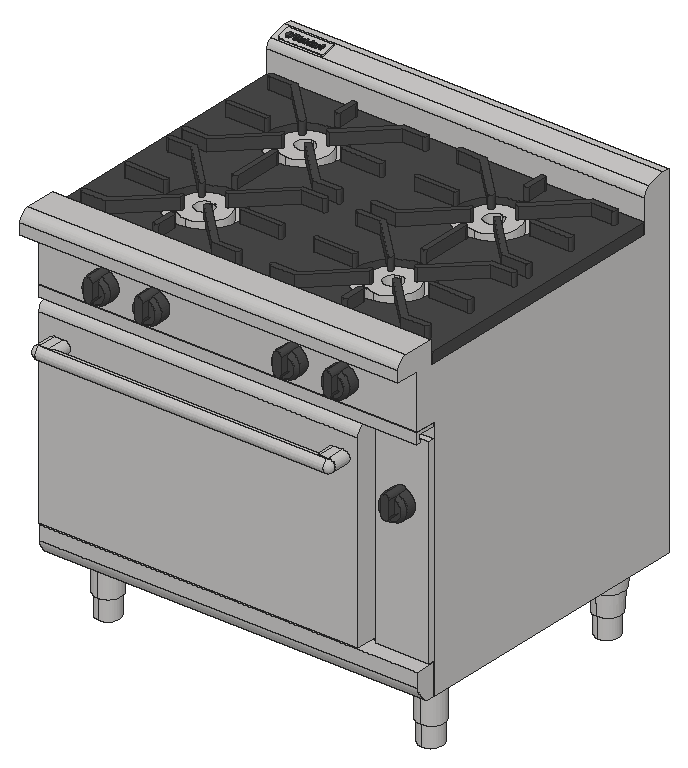
Revit family "QF_MOFFAT WALDORF_RNL8910G", category Specialty Equipment, Revit 2012 (continued)
Automatic sketch dimensions
  Split face 22 sketch curve to Split face 22 sketch curve = 20 mm
  Extrusion 1 to Split face 23 sketch curve = 1.962 mm
  Split face 23 sketch curve to Extrusion 1 = 9.099 mm
  Split face 23 sketch curve to Extrusion 1 = 334.203 mm
  Split face 23 sketch curve to Split face 23 sketch curve = 20 mm
  Extrusion 1 to Split face 24 sketch curve = 1.962 mm
  Split face 24 sketch curve to Extrusion 1 = 9.099 mm
  Split face 24 sketch curve to Extrusion 1 = 308.857 mm
  Split face 24 sketch curve to Split face 24 sketch curve = 20 mm
  Revolve 4 sketch curve to level = 0 mm
  Revolve 4 sketch curve to plane 17 = 110.753 mm
  Revolve 4 sketch curve to Revolve 4 sketch curve = 4.159 mm
  Revolve 4 sketch curve to Revolve 4 sketch curve = 5.012 mm
  Revolve 4 sketch curve to Revolve 4 sketch curve = 1.832 mm
  Revolve 4 sketch curve to Revolve 4 sketch curve = 4.25 mm
  Revolve 4 sketch curve to Revolve 4 sketch curve = 42.753 mm
  Revolve 4 sketch curve to Revolve 4 sketch curve = 0 mm  (x2)
  level to Revolve 4 sketch curve = 50 mm
  Revolve 4 sketch curve to Revolve 4 sketch curve = 52.468 mm
  Revolve 4 sketch curve to Revolve 4 sketch curve = 47.532 mm
  Revolve 4 sketch curve to Revolve 4 sketch curve = 55 mm
  Revolve 5 sketch curve to level = 0 mm
  Revolve 5 sketch curve to plane 10 = 82.478 mm
  Revolve 5 sketch curve to Revolve 5 sketch curve = 4.25 mm
  Revolve 5 sketch curve to Revolve 5 sketch curve = 27.5 mm  (x2)
  level to Revolve 5 sketch curve = 50 mm
  Revolve 5 sketch curve to Revolve 5 sketch curve = 0 mm
  Revolve 5 sketch curve to Revolve 5 sketch curve = 100 mm
  Revolve 5 sketch curve to Revolve 5 sketch curve = 55 mm
  Revolve 6 sketch curve to level = 0 mm
  Revolve 6 sketch curve to plane 17 = 110.753 mm
  Revolve 6 sketch curve to Revolve 6 sketch curve = 0 mm  (x3)
  Revolve 6 sketch curve to Revolve 6 sketch curve = 4.159 mm
  Revolve 6 sketch curve to Revolve 6 sketch curve = 5.012 mm
  Revolve 6 sketch curve to Revolve 6 sketch curve = 1.832 mm
  Revolve 6 sketch curve to Revolve 6 sketch curve = 4.25 mm
  Revolve 6 sketch curve to Revolve 6 sketch curve = 42.753 mm
  Revolve 6 sketch curve to level = 55 mm
  Revolve 6 sketch curve to Revolve 6 sketch curve = 50 mm
  Revolve 6 sketch curve to Revolve 6 sketch curve = 52.468 mm
  Revolve 6 sketch curve to Revolve 6 sketch curve = 47.532 mm
  Revolve 7 sketch curve to level = 0 mm
  Revolve 7 sketch curve to plane 10 = 82.478 mm
  Revolve 7 sketch curve to Revolve 7 sketch curve = 4.25 mm
  Revolve 7 sketch curve to Revolve 7 sketch curve = 27.5 mm  (x2)
  Revolve 7 sketch curve to level = 55 mm
  Revolve 7 sketch curve to Revolve 7 sketch curve = 50 mm
  Revolve 7 sketch curve to Revolve 7 sketch curve = 0 mm
  Revolve 7 sketch curve to Revolve 7 sketch curve = 100 mm
  plane 17 to Extrusion 8 sketch curve = 0 mm
  Extrusion 8 sketch curve to plane 16 = 64.5 mm
  Extrusion 9 sketch curve to plane 4 "RIGHT" = 0 mm
  plane 3 "LEFT" to Extrusion 9 sketch curve = 4 mm
  Extrusion 9 sketch curve to plane 17 = 39 mm
  Extrusion 9 sketch curve to Extrusion 9 sketch curve = 3 mm
  plane 12 to Extrusion 9 sketch curve = 67.472 mm  (x2)
  Extrusion 9 sketch curve to plane 5 "FRONT" = 104 mm  (x2)
  plane 4 "RIGHT" to Extrusion 9 sketch curve = 3 mm
  Extrusion 9 sketch curve to plane 9 = 54.613 mm  (x2)
  Extrusion 10 sketch curve to Extrusion 9 = 23.398 mm  (x4)
  Extrusion 10 sketch curve to Extrusion 9 = 31.601 mm  (x4)
  Extrusion 10 sketch curve to Extrusion 10 sketch curve = 6.4 mm  (x30)
  Extrusion 10 sketch curve to Extrusion 10 sketch curve = 46.204 mm  (x2)
  Extrusion 10 sketch curve to Extrusion 10 sketch curve = 60.923 mm  (x4)
  Extrusion 10 sketch curve to Extrusion 10 sketch curve = 0 mm  (x15)
  Extrusion 10 sketch curve to Extrusion 10 sketch curve = 4.525 mm  (x16)
  Extrusion 10 sketch curve to Extrusion 10 sketch curve = 20.524 mm  (x11)
  Extrusion 10 sketch curve to Extrusion 10 sketch curve = 115.699 mm  (x4)
  Extrusion 10 sketch curve to Extrusion 10 sketch curve = 53.847 mm  (x16)
  Extrusion 10 sketch curve to Extrusion 10 sketch curve = 55.923 mm  (x12)
  Extrusion 10 sketch curve to Extrusion 10 sketch curve = 30.203 mm  (x4)
  Extrusion 10 sketch curve to Extrusion 10 sketch curve = 116.204 mm  (x2)
  Extrusion 10 sketch curve to Extrusion 9 = 44.401 mm  (x4)
  Extrusion 10 sketch curve to Extrusion 9 = 40.883 mm  (x4)
  Extrusion 10 sketch curve to Extrusion 9 = 40.898 mm  (x2)
  Extrusion 10 sketch curve to Extrusion 10 sketch curve = 51.967 mm  (x11)
  Extrusion 10 sketch curve to Extrusion 10 sketch curve = 5.302 mm  (x16)
  Extrusion 10 sketch curve to Extrusion 10 sketch curve = 91.204 mm  (x6)
  Extrusion 10 sketch curve to Extrusion 10 sketch curve = 119.448 mm  (x3)
  Extrusion 10 sketch curve to Extrusion 10 sketch curve = 83.766 mm  (x3)
  Extrusion 10 sketch curve to Extrusion 10 sketch curve = 83.796 mm  (x2)
  Extrusion 10 sketch curve to Extrusion 9 = 99.152 mm  (x3)
  Extrusion 10 sketch curve to Extrusion 9 = 41.898 mm  (x2)
  Extrusion 10 sketch curve to Extrusion 9 = 41.883 mm  (x4)
  Extrusion 11 sketch curve to Extrusion 1 = 79.5 mm
  Extrusion 11 sketch curve to Extrusion 1 = 230.458 mm
  Revolve 12 sketch curve to plane 5 "FRONT" = 54.5 mm
  Revolve 12 sketch curve to Revolve 12 sketch curve = 0 mm  (x2)
  Revolve 12 sketch curve to Revolve 12 sketch curve = 11 mm
  Revolve 12 sketch curve to Revolve 12 sketch curve = 12.7 mm
  Revolve 12 sketch curve to Revolve 12 sketch curve = 23 mm
  Revolve 12 sketch curve to Revolve 12 sketch curve = 10 mm
  Revolve 12 sketch curve to plane 18 = 103.75 mm
  Revolve 12 sketch curve to Revolve 12 sketch curve = 5 mm
  Revolve 12 sketch curve to plane 18 = 77.099 mm
  Revolve 12 sketch curve to Revolve 12 sketch curve = 5.849 mm
  Extrusion 13 sketch curve to plane 16 = 7.156 mm
  plane 16 to Extrusion 13 sketch curve = 2.844 mm
  Extrusion 13 sketch curve to plane 18 = 111.75 mm
  Extrusion 13 sketch curve to plane 18 = 76.75 mm
  Extrusion 14 sketch curve to plane 5 "FRONT" = 56 mm
  level to Extrusion 14 sketch curve = 227.5 mm
  plane 5 "FRONT" to Extrusion 14 sketch curve = 413.847 mm
  plane 1 "BACK" to curve 1 = 0 mm
  curve 1 to plane 3 "LEFT" = 0 mm
  plane 5 "FRONT" to curve 109 = 0 mm
  curve 178 to plane 7 "Center Y" = 0 mm
  plane 3 "LEFT" to curve 7 = 12.5 mm
  plane 3 "LEFT" to curve 109 = 22.65 mm
  curve 153 to plane 11 = 25.29 mm
  curve 151 to plane 8 "Center X" = 6.501 mm
  curve 151 to plane 11 = 25.29 mm
  curve 112 to plane 11 = 24.517 mm
  curve 114 to plane 13 = 1.026 mm
  curve 114 to plane 11 = 24.517 mm
  curve 155 to plane 11 = 23.064 mm
  curve 121 to plane 11 = 22.29 mm
  curve 110 to plane 11 = 11.111 mm
  curve 109 to plane 11 = 9.192 mm
  plane 14 to curve 113 = 22.108 mm
  plane 14 to curve 114 = 22.108 mm
  plane 14 to curve 152 = 22.585 mm
  plane 14 to curve 154 = 22.585 mm
  plane 17 to curve 6 = 11.042 mm
  plane 14 to curve 6 = 47.5 mm
  curve 7 to curve 10 = 8.083 mm
  plane 14 to curve 155 = 63.969 mm
  plane 14 to curve 121 = 64.743 mm
  plane 17 to curve 12 = 9.738 mm
  curve 9 to curve 12 = 20 mm
  curve 11 to curve 16 = 6.917 mm
  curve 13 to curve 15 = 20 mm
  curve 15 to curve 20 = 7 mm
  curve 155 to curve 152 = 57.507 mm
  plane 10 to curve 154 = 7.165 mm
  curve 154 to curve 152 = 0 mm
  plane 12 to curve 115 = 39.115 mm
  curve 121 to curve 115 = 57.507 mm
  curve 113 to curve 115 = 0 mm
  plane 17 to curve 20 = 9.738 mm
  curve 17 to curve 20 = 20 mm
  curve 19 to curve 24 = 7 mm
  curve 122 to plane 9 = 55.136 mm
  curve 157 to plane 9 = 54.894 mm
  curve 122 to curve 170 = 0.358 mm
  curve 160 to plane 10 = 20.228 mm
  curve 157 to curve 160 = 0.28 mm
  curve 157 to curve 172 = 0.28 mm
  plane 12 to curve 159 = 10.472 mm
  curve 169 to curve 159 = 0.164 mm
  curve 21 to curve 22 = 20 mm
  curve 22 to curve 26 = 7 mm
  plane 10 to curve 150 = 8.415 mm
  curve 150 to plane 9 = 26.25 mm
  curve 148 to plane 9 = 26.25 mm
  curve 117 to plane 9 = 25.477 mm
  curve 119 to plane 9 = 25.477 mm
  curve 26 to curve 28 = 20 mm
  curve 28 to curve 30 = 6.917 mm
  plane 9 to curve 32 = 4.417 mm
  curve 32 to curve 34 = 7 mm
  plane 9 to curve 156 = 31.257 mm
  plane 17 to curve 37 = 9.738 mm
  curve 34 to curve 37 = 20 mm
  plane 9 to curve 120 = 32.031 mm
  curve 36 to curve 38 = 7 mm
  curve 38 to curve 40 = 20 mm
  curve 40 to curve 42 = 11.622 mm
  curve 42 to curve 117 = 3.376 mm
  curve 119 to plane 13 = 1.026 mm
  plane 9 to curve 119 = 73.415 mm
  curve 148 to plane 8 "Center X" = 6.501 mm
  curve 118 to curve 148 = 0.477 mm
  plane 9 to curve 149 = 73.892 mm
  plane 17 to curve 44 = 9.738 mm
  curve 42 to curve 44 = 20 mm
  curve 44 to curve 49 = 6.917 mm
  plane 17 to curve 48 = 9.738 mm
  curve 46 to curve 48 = 20 mm
  curve 47 to curve 50 = 7 mm
  curve 156 to plane 7 "Center Y" = 37.71 mm
  curve 120 to plane 7 "Center Y" = 36.936 mm
  curve 147 to plane 7 "Center Y" = 35.483 mm
  curve 149 to plane 7 "Center Y" = 35.483 mm
  curve 116 to plane 7 "Center Y" = 34.71 mm
  curve 118 to plane 7 "Center Y" = 34.71 mm
  plane 17 to curve 53 = 9.738 mm
  curve 50 to curve 53 = 20 mm
  curve 51 to curve 54 = 7 mm
  plane 7 "Center Y" to curve 55 = 0.956 mm
  curve 55 to curve 58 = 7 mm
  plane 17 to curve 61 = 9.738 mm
  curve 58 to curve 61 = 20 mm
  curve 140 to plane 8 "Center X" = 6.501 mm
  plane 7 "Center Y" to curve 140 = 34.71 mm
  curve 130 to plane 13 = 1.026 mm
  plane 7 "Center Y" to curve 130 = 34.71 mm
  plane 7 "Center Y" to curve 142 = 34.71 mm
  plane 7 "Center Y" to curve 128 = 34.71 mm
  curve 59 to curve 62 = 6.917 mm
  plane 7 "Center Y" to curve 132 = 36.936 mm
  plane 7 "Center Y" to curve 144 = 36.936 mm
  curve 62 to curve 63 = 20 mm
  curve 64 to curve 69 = 7 mm
  curve 66 to curve 68 = 20 mm
  curve 68 to curve 73 = 7 mm
  curve 140 to curve 141 = 61.875 mm
  curve 131 to curve 140 = 0 mm
  curve 142 to curve 143 = 61.875 mm
  curve 70 to curve 129 = 7.713 mm
  curve 70 to curve 72 = 20 mm
  curve 72 to curve 74 = 6.924 mm
  curve 74 to curve 76 = 20 mm
  plane 10 to curve 144 = 36.706 mm
  curve 144 to curve 144 = 101.033 mm
  curve 132 to curve 132 = 101.033 mm
  curve 76 to curve 78 = 6.917 mm
  plane 17 to curve 81 = 9.738 mm
  curve 78 to curve 81 = 20 mm
  curve 79 to curve 83 = 7 mm
  curve 82 to curve 83 = 20 mm
  plane 10 to curve 141 = 66.379 mm
  curve 144 to curve 141 = 57.507 mm
  plane 12 to curve 131 = 37.865 mm
  curve 132 to curve 131 = 57.507 mm
  plane 10 to curve 143 = 7.165 mm
  curve 143 to curve 141 = 0 mm
  curve 129 to curve 131 = 0 mm
  curve 83 to curve 86 = 7 mm
  plane 17 to curve 88 = 9.738 mm
  curve 86 to curve 88 = 20 mm
  curve 87 to curve 91 = 7 mm
  curve 143 to curve 175 = 29.137 mm
  curve 165 to curve 175 = 0 mm
  curve 131 to curve 162 = 29.137 mm
  curve 135 to plane 12 = 17.527 mm
  curve 162 to curve 135 = 0.164 mm
  curve 176 to curve 146 = 0.493 mm
  curve 90 to curve 134 = 1.422 mm
  curve 90 to curve 91 = 20 mm
  curve 92 to curve 97 = 6.917 mm
  curve 173 to curve 125 = 28.973 mm
  plane 10 to curve 139 = 8.415 mm
  curve 175 to curve 139 = 29.137 mm
  plane 10 to curve 137 = 65.129 mm
  curve 164 to curve 137 = 29.137 mm
  plane 12 to curve 127 = 39.115 mm
  curve 174 to curve 127 = 28.973 mm
  curve 94 to curve 96 = 20 mm
  plane 5 "FRONT" to curve 110 = 14.544 mm
  curve 110 to plane 16 = 112.642 mm
  curve 96 to curve 98 = 7 mm
  curve 111 to curve 111 = 25.191 mm
  plane 17 to curve 100 = 9.738 mm
  curve 98 to curve 100 = 20 mm
  curve 100 to curve 102 = 7 mm
  curve 127 to curve 133 = 57.507 mm
  curve 139 to curve 145 = 57.507 mm
  curve 111 to curve 167 = 12.95 mm
  curve 102 to curve 103 = 20 mm
  curve 124 to plane 16 = 30.608 mm
  curve 139 to plane 16 = 30.608 mm
  curve 127 to plane 13 = 1.026 mm
  curve 127 to plane 16 = 30.608 mm
  curve 136 to plane 8 "Center X" = 6.501 mm
  curve 136 to plane 16 = 30.608 mm
  plane 16 to curve 133 = 27.79 mm
  plane 16 to curve 145 = 27.79 mm
  plane 16 to curve 124 = 30.017 mm
  plane 16 to curve 136 = 30.017 mm
  plane 16 to curve 138 = 30.017 mm
  plane 16 to curve 126 = 30.017 mm
  curve 166 to curve 110 = 399.303 mm
  curve 109 to curve 106 = 76.143 mm
  curve 106 to curve 107 = 3.3 mm
  curve 157 to curve 160 = 89.83 mm
  curve 146 to plane 10 = 110.058 mm
  curve 153 to plane 10 = 91.726 mm
  curve 150 to plane 10 = 91.726 mm
  curve 143 to plane 10 = 91.726 mm
  curve 139 to plane 10 = 91.726 mm
  curve 146 to curve 146 = 55 mm
  curve 157 to curve 160 = 34.83 mm
  curve 157 to curve 171 = 6.562 mm
  curve 146 to curve 175 = 6.562 mm
  curve 165 to plane 10 = 20.228 mm
  plane 10 to curve 171 = 36.504 mm
  plane 10 to curve 176 = 36.504 mm
  plane 10 to curve 156 = 36.706 mm
  plane 10 to curve 145 = 36.706 mm
  plane 10 to curve 155 = 36.706 mm
  curve 171 to curve 161 = 0.268 mm
  curve 175 to curve 165 = 0.268 mm
  curve 160 to curve 148 = 28.357 mm
  curve 152 to curve 161 = 27.393 mm
  curve 176 to curve 135 = 3.438 mm
  curve 171 to curve 123 = 3.438 mm
  plane 8 "Center X" to curve 177 = 15.713 mm
  curve 170 to plane 12 = 17.527 mm
  plane 12 to curve 163 = 10.472 mm
  plane 12 to curve 119 = 37.865 mm
  plane 12 to curve 120 = 67.406 mm
  plane 12 to curve 121 = 67.406 mm
  plane 12 to curve 132 = 67.406 mm
  curve 127 to curve 133 = 28.291 mm
  curve 115 to curve 158 = 28.357 mm
  curve 127 to curve 162 = 28.357 mm
  curve 158 to curve 170 = 0 mm
  curve 162 to curve 173 = 0 mm
  curve 169 to curve 113 = 28.357 mm
  curve 173 to curve 125 = 28.357 mm
  curve 129 to curve 162 = 27.393 mm
  curve 117 to curve 158 = 27.393 mm
  curve 169 to curve 122 = 7.034 mm
  curve 173 to curve 134 = 7.034 mm
  curve 129 to plane 17 = 77.001 mm
  curve 125 to plane 17 = 77.001 mm
  curve 112 to plane 17 = 77.001 mm
  curve 117 to plane 17 = 77.001 mm
  curve 122 to curve 122 = 56.153 mm
  curve 134 to curve 134 = 56.153 mm
  curve 108 to plane 17 = 40.734 mm
  curve 108 to curve 4 = 2.734 mm
  curve 5 to plane 17 = 19.234 mm
  curve 88 to plane 17 = 18.526 mm
  curve 43 to plane 17 = 18.526 mm
  curve 11 to plane 17 = 18.526 mm
  curve 87 to curve 90 = 0 mm
  curve 52 to plane 17 = 18.526 mm
  curve 40 to curve 42 = 0 mm
  curve 91 to curve 94 = 0 mm
  curve 72 to plane 17 = 18.526 mm
  curve 95 to curve 98 = 0 mm
  curve 36 to curve 38 = 0 mm
  curve 99 to curve 102 = 0 mm
  curve 83 to plane 17 = 18.526 mm
  curve 17 to plane 17 = 18.526 mm
  curve 32 to curve 34 = 0 mm
  curve 71 to curve 74 = 0 mm
  curve 43 to curve 46 = 0 mm
  curve 10 to curve 13 = 0 mm
  curve 28 to curve 30 = 0 mm
  curve 80 to curve 82 = 0 mm
  curve 68 to curve 70 = 0 mm
  curve 51 to curve 54 = 0 mm
  curve 64 to curve 66 = 0 mm
  curve 23 to curve 26 = 0 mm
  curve 60 to curve 62 = 0 mm
  curve 100 to curve 105 = 0 mm
  plane 17 to curve 97 = 9.738 mm
  curve 88 to curve 93 = 0 mm
  curve 80 to curve 85 = 0 mm
  plane 17 to curve 77 = 9.738 mm
  plane 17 to curve 73 = 9.738 mm
  plane 17 to curve 69 = 9.738 mm
  curve 60 to curve 65 = 0 mm
  curve 52 to curve 57 = 0 mm
  curve 36 to curve 41 = 0 mm
  plane 17 to curve 33 = 9.738 mm
  plane 17 to curve 29 = 9.738 mm
  curve 19 to curve 24 = 0 mm
  curve 11 to curve 16 = 0 mm
  plane 1 "BACK" to Extrusion 15 sketch curve = 0 mm
  Extrusion 15 sketch curve to plane 17 = 7 mm
  Extrusion 15 sketch curve to plane 16 = 140.5 mm
  Extrusion 15 sketch curve to Extrusion 15 sketch curve = 50 mm
  Extrusion 15 sketch curve to plane 16 = 10.5 mm
  Extrusion 15 sketch curve to plane 17 = 55 mm
  Extrusion 3 sketch curve to plane 5 "FRONT" = 91 mm
  plane 18 to Extrusion 3 sketch curve = 45 mm
  plane 10 to Extrusion 9 sketch curve = 36.504 mm  (x2)
  Extrusion 9 sketch curve to plane 16 = 159.887 mm  (x2)
  Extrusion 16 sketch curve to plane 11 = 1.472 mm
  Extrusion 16 sketch curve to plane 18 = 46.875 mm  (x2)
  Extrusion 16 sketch curve to Extrusion 16 sketch curve = 15 mm  (x2)
  Extrusion 16 sketch curve to plane 16 = 130.493 mm
  Extrusion 16 sketch curve to Extrusion 16 sketch curve = 20.282 mm  (x2)
  Revolve 17 sketch curve to plane 3 "LEFT" = 6.961 mm
  plane 3 "LEFT" to Revolve 17 sketch curve = 23.246 mm
  Revolve 17 sketch curve to plane 18 = 16.875 mm
  Revolve 17 sketch curve to Revolve 17 sketch curve = 15 mm
  Revolve 17 sketch curve to plane 18 = 31.875 mm
  plane 7 "Center Y" to Revolve 17 sketch curve = 138.039 mm
  Revolve 17 sketch curve to plane 16 = 110.211 mm
  Revolve 18 sketch curve to plane 5 "FRONT" = 12 mm
  Revolve 18 sketch curve to Revolve 18 sketch curve = 0 mm  (x2)
  Revolve 18 sketch curve to Revolve 18 sketch curve = 11 mm
  Revolve 18 sketch curve to Revolve 18 sketch curve = 12.7 mm
  Revolve 18 sketch curve to Revolve 18 sketch curve = 23 mm
  Revolve 18 sketch curve to Revolve 18 sketch curve = 10 mm
  plane 18 to Revolve 18 sketch curve = 141.882 mm
  Revolve 18 sketch curve to Revolve 18 sketch curve = 5 mm
  Revolve 18 sketch curve to Revolve 18 sketch curve = 26.651 mm
  Revolve 18 sketch curve to Revolve 18 sketch curve = 5.849 mm
  Revolve 19 sketch curve to plane 5 "FRONT" = 12 mm
  Revolve 19 sketch curve to Revolve 19 sketch curve = 0 mm  (x2)
  Revolve 19 sketch curve to Revolve 19 sketch curve = 11 mm
  Revolve 19 sketch curve to Revolve 19 sketch curve = 12.7 mm
  Revolve 19 sketch curve to Revolve 19 sketch curve = 23 mm
  Revolve 19 sketch curve to Revolve 19 sketch curve = 10 mm
  Revolve 19 sketch curve to plane 6 "TOP" = 140.618 mm
  Revolve 19 sketch curve to Revolve 19 sketch curve = 5.849 mm
  Revolve 19 sketch curve to Revolve 19 sketch curve = 27.5 mm
  Revolve 19 sketch curve to Revolve 19 sketch curve = 5 mm
  Revolve 20 sketch curve to plane 5 "FRONT" = 12 mm
  Revolve 20 sketch curve to Revolve 20 sketch curve = 0 mm  (x2)
  Revolve 20 sketch curve to Revolve 20 sketch curve = 11 mm
  Revolve 20 sketch curve to Revolve 20 sketch curve = 12.7 mm
  Revolve 20 sketch curve to Revolve 20 sketch curve = 23 mm
  Revolve 20 sketch curve to Revolve 20 sketch curve = 10 mm
  Revolve 20 sketch curve to plane 6 "TOP" = 140.618 mm
  Revolve 20 sketch curve to Revolve 20 sketch curve = 5.849 mm
  Revolve 20 sketch curve to Revolve 20 sketch curve = 27.5 mm
  Revolve 20 sketch curve to Revolve 20 sketch curve = 5 mm
  Revolve 21 sketch curve to plane 5 "FRONT" = 12 mm
  Revolve 21 sketch curve to Revolve 21 sketch curve = 0 mm  (x2)
  Revolve 21 sketch curve to Revolve 21 sketch curve = 11 mm
  Revolve 21 sketch curve to Revolve 21 sketch curve = 12.7 mm
  Revolve 21 sketch curve to Revolve 21 sketch curve = 23 mm
  Revolve 21 sketch curve to Revolve 21 sketch curve = 10 mm
  Revolve 21 sketch curve to plane 6 "TOP" = 140.618 mm
  Revolve 21 sketch curve to Revolve 21 sketch curve = 5.849 mm
  Revolve 21 sketch curve to Revolve 21 sketch curve = 27.5 mm
  Revolve 21 sketch curve to Revolve 21 sketch curve = 5 mm
  Extrusion 22 sketch curve to plane 16 = 109.656 mm
  Extrusion 22 sketch curve to Extrusion 22 sketch curve = 10 mm
  plane 18 to Extrusion 22 sketch curve = 133.882 mm
  Extrusion 22 sketch curve to Extrusion 22 sketch curve = 35 mm
  plane 14 to Extrusion 23 sketch curve = 100.531 mm
  Extrusion 23 sketch curve to Extrusion 23 sketch curve = 10 mm
  Extrusion 23 sketch curve to plane 6 "TOP" = 146.118 mm
  Extrusion 23 sketch curve to Extrusion 23 sketch curve = 35 mm
  plane 9 to Extrusion 24 sketch curve = 15.132 mm
  plane 9 to Extrusion 24 sketch curve = 5.132 mm
  Extrusion 24 sketch curve to plane 6 "TOP" = 146.118 mm
  Extrusion 24 sketch curve to Extrusion 24 sketch curve = 35 mm
  plane 7 "Center Y" to Extrusion 25 sketch curve = 175.132 mm
  Extrusion 25 sketch curve to Extrusion 25 sketch curve = 10 mm
  Extrusion 25 sketch curve to plane 6 "TOP" = 146.118 mm
  Extrusion 25 sketch curve to Extrusion 25 sketch curve = 35 mm
  Extrusion 26 sketch curve to Extrusion 26 sketch curve = 0 mm  (x8)
  Extrusion 26 sketch curve to Extrusion 1 = 167.5 mm  (x2)
  Extrusion 26 sketch curve to Extrusion 1 = 171.5 mm  (x2)
  Extrusion 1 to Extrusion 26 sketch curve = 225.387 mm  (x4)
  curve 158 to curve 179 = 0 mm  (x2)
  curve 179 to curve 179 = 22 mm
  curve 162 to curve 181 = 0 mm  (x2)
  curve 182 to curve 181 = 22 mm
  curve 164 to curve 183 = 0 mm  (x2)
  plane 10 to curve 184 = 14.772 mm
  curve 160 to curve 185 = 0 mm  (x2)
  plane 10 to curve 185 = 14.772 mm
  radius of Extrusion 8 sketch curve = 10 mm
  radius of Extrusion 9 sketch curve = 85 mm  (x4)
  radius of Extrusion 11 sketch curve = 10 mm
  radius of Extrusion 26 sketch curve = 57 mm  (x4)
  radius of Extrusion 26 sketch curve = 22 mm  (x4)
Nested families
  nested 1: "WALDORF LOGO_FACE BASE" at (12.5, -21.836, 968.57) x (1, 0, 0) z (0, -0.2588, 0.9659), visible <- "Show Logo", type "WALDORF LOGO_FACE BASE", detail levels medium+fine
    with Show Logo yes
Connectors
  piping at (770, -32, 655)
    settings: on Extrusion 8, index 4, connector radius 0.37402", flow factor 0, pipe flow 0 GPM, pressure drop 0.00 psi, fitting loss kfactor 0, connector angle 0.00°, fixture units 0, engagement length 0 mm, flow configuration 1, flow direction 1, fitting loss method 0, system type 7, joint type 0, gender type 0, connector reference index -1, connector utility 0, adjustable connector no, is connector primary yes, fitting loss table "", connector description "GAS CONNECTION"
Definition of nested family "WALDORF LOGO_FACE BASE"
  Parameters (values of type "WALDORF LOGO_FACE BASE")
    Show Logo [instance] = yes
    Default Elevation = 1219.2 mm
  Reference planes
    plane 1 "Center (Front/Back)": y = 0
    plane 2: z = 0
    plane 3 "Center (Left/Right)": x = 0
  Forms (mm)
    Extrusion 1, solid
      sketch origin (0, 0, 0) x (1, 0, 0) y (0, 1, 0)
        loop
          line (-1219.2, 1219.2) -> (-1219.2, -1219.2) -> (1219.2, -1219.2) -> (1219.2, 1219.2) -> (-1219.2, 1219.2)
      from 0 to -304.8
    Extrusion 2, solid, material "QF_Finishes_Stainless Steel", visible <- "Show Logo"
      sketch origin (0, -33.217, 0) x (1, 0, 0) y (0, 1, 0)
        loop
          arc (5, 34.14) -> (1.464, 32.676) -> (0, 29.14) r 5
          line (0, 29.14) -> (0, 5)
          arc (0, 5) -> (1.464, 1.464) -> (5, 0) r 5
          line (5, 0) -> (104, 0)
          arc (104, 0) -> (107.536, 1.464) -> (109, 5) r 5
          line (109, 5) -> (109, 29.14)
          arc (109, 29.14) -> (107.536, 32.676) -> (104, 34.14) r 5
          line (104, 34.14) -> (5, 34.14)
      from 0 to 1.588
    Extrusion 3, solid, material "QF_Finishes_Black", visible <- "Show Logo"
      sketch origin (0, -33.217, 1.588) x (1, 0, 0) y (0, 1, 0)
        loop
          line (24.772, 23.214) -> (27.992, 10.301) -> (31.551, 10.301) -> (33.443, 17.364) -> (35.205, 10.301) -> (39.332, 10.301) -> (42.077, 23.214) -> (38.352, 23.214) -> (36.676, 15.33) -> (35, 23.214) -> (31.752, 23.214) -> (30.076, 15.33) -> (28.4, 23.214) -> (24.772, 23.214)
        loop
          line (42.272, 17.055) -> (45.703, 17.055)
          spline (45.703, 17.055) -> (45.741, 17.285) -> (45.852, 17.499) -> (46.028, 17.682) -> (46.258, 17.823) -> (46.526, 17.912) -> (46.813, 17.942) -> (47.1, 17.912) -> (47.368, 17.823) -> (47.597, 17.682) -> (47.774, 17.499) -> (47.884, 17.285) -> (47.922, 17.055)
          line (47.922, 17.055) -> (47.922, 16.222)
          arc (47.922, 16.222) -> (45.742, 16.014) -> (43.665, 15.317) r 9.604
          arc (43.665, 15.317) -> (41.924, 12.809) -> (43.665, 10.301) r 2.677
          arc (43.665, 10.301) -> (45.527, 10.353) -> (47.332, 10.816) r 8.365
          line (47.332, 10.816) -> (48.092, 11.105) -> (48.092, 10.301) -> (51.817, 10.301) -> (51.817, 17.055)
          spline (51.817, 17.055) -> (51.654, 17.821) -> (51.178, 18.535) -> (50.419, 19.148) -> (49.431, 19.619) -> (48.28, 19.914) -> (47.044, 20.015) -> (45.809, 19.914) -> (44.658, 19.619) -> (43.67, 19.148) -> (42.911, 18.535) -> (42.434, 17.821) -> (42.272, 17.055)
        loop
          line (53.151, 23.214) -> (53.151, 10.301) -> (57.37, 10.301) -> (57.37, 23.214) -> (53.151, 23.214)
        loop
          line (64.874, 23.214) -> (64.874, 18.857)
          arc (64.874, 18.857) -> (58.083, 15.11) -> (64.874, 11.363) r 4.429
          line (64.874, 11.363) -> (64.874, 10.301) -> (68.378, 10.301) -> (68.378, 23.214) -> (64.874, 23.214)
        loop
          arc (64.874, 16.083) -> (61.41, 14.987) -> (64.874, 13.891) r 1.905
          line (64.874, 13.891) -> (64.874, 16.083)
        loop
          circle (74.623, 15.223) r 5
        loop
          spline (74.623, 17.856) -> (74.355, 17.766) -> (74.105, 17.503) -> (73.891, 17.084) -> (73.726, 16.539) -> (73.623, 15.904) -> (73.588, 15.223) -> (73.623, 14.541) -> (73.726, 13.906) -> (73.891, 13.361) -> (74.105, 12.942) -> (74.355, 12.679) -> (74.623, 12.59)
          spline (74.623, 12.59) -> (74.891, 12.679) -> (75.141, 12.942) -> (75.355, 13.361) -> (75.52, 13.906) -> (75.623, 14.541) -> (75.659, 15.223) -> (75.623, 15.904) -> (75.52, 16.539) -> (75.355, 17.084) -> (75.141, 17.503) -> (74.891, 17.766) -> (74.623, 17.856)
        loop
          line (81.255, 19.813) -> (81.255, 10.301) -> (84.834, 10.301) -> (84.834, 14.176)
          arc (84.834, 14.176) -> (85.854, 16.093) -> (88.013, 16.32) r 2.313
          line (88.013, 16.32) -> (88.013, 19.813) -> (87.161, 19.813)
          arc (87.161, 19.813) -> (85.526, 19.266) -> (84.549, 17.844) r 2.717
          line (84.549, 17.844) -> (84.549, 19.813) -> (81.255, 19.813)
        loop
          line (90.249, 19.813) -> (88.91, 19.813) -> (88.91, 17.614) -> (90.249, 17.614) -> (90.249, 10.301) -> (93.998, 10.301) -> (93.998, 17.614) -> (95.418, 17.614) -> (95.418, 19.813) -> (93.998, 19.813)
          arc (93.998, 19.813) -> (94.414, 20.817) -> (95.418, 21.233) r 1.42
          line (95.418, 21.233) -> (95.418, 23.602) -> (93.317, 23.602)
          arc (93.317, 23.602) -> (91.343, 22.903) -> (90.249, 21.118) r 3.137
          line (90.249, 21.118) -> (90.249, 19.813)
        loop
          arc (15.241, 23.571) -> (8.392, 16.525) -> (15.241, 9.479) r 7.049
          line (15.241, 9.479) -> (15.241, 23.571)
        loop
          line (15.641, 23.571) -> (15.641, 9.479)
          arc (15.641, 9.479) -> (22.49, 16.525) -> (15.641, 23.571) r 7.049
        loop
          arc (47.922, 14.711) -> (46.266, 13.749) -> (47.922, 12.787) r 1.107
          line (47.922, 12.787) -> (47.922, 14.711)
      from 0 to 0.2
  Dimensions and locks
    aligned and locked: plane 2 to Extrusion 1
    aligned and locked: level to Extrusion 1
